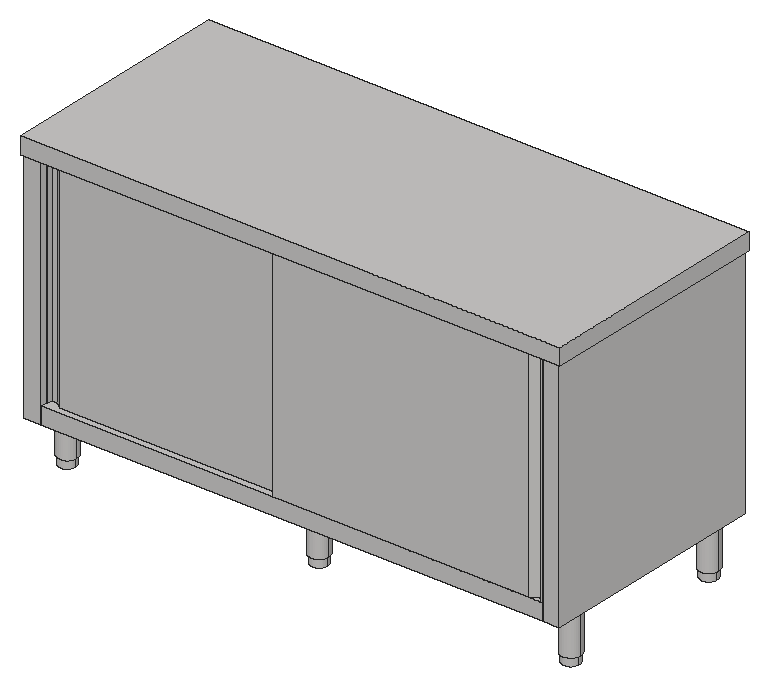
Revit family "QF_ELECTROLUXPROFESSIONAL_132773_MTN1600PN", category Attrezzature speciali, Revit 2020
Family settings
  Quota connettore circolare = Usa diametro
  Tipo di parte = Normale
  Basato su piano di lavoro = No
  Sempre verticale = Sì
  Taglio con vuoti quando caricato = No
  Condiviso = No
  Punto di calcolo locali = No
Parameters (values of type "Standard")
  Weight = 65.00 kg
  Watts = 0 W
  Volts = 0 V
  URL Manufacturer = "https://www.electroluxprofessional.com/"
  URL = "https://www.electroluxprofessional.com/"
  Steam Supply Size = 0 mm
  Steam Supply Minimum Pressure = 0.0 Pa
  Steam Supply Maximum Pressure = 0.0 Pa
  Steam Consumption per Hour = 0
  Refrigeration Suction Line Size = 0.0 mm
  Refrigeration Liquid Line Size = 0.0 mm
  Refrigerant Compressor Remote = yes
  Prospetto di default = 0.0 mm
  Produttore = "Electrolux Professional"
  Phase = 0
  Modello = "MTN1600PN"
  Length Actual = 1600.0 mm  # constant formula
  Item Number = "132773"
  Hot Water Size = 0 mm
  Height Actual = 900.0 mm  # constant formula
  HP = "0 HP"
  Gas Size = 0 mm
  Gas KW = 0
  Gas Input Pressure = 0 W
  Direct Waste Size = 0 mm
  Descrizione = "WORKTOP CUPB.+SHELF+SLIDING DOORS 1600MM"
  Depth Actual = 700.0 mm  # constant formula
  Cycle = 0 Hz
  Condensate Return Size = 0 mm
  Compressed Air Volume = 0.0 L/s
  Compressed Air Size = 0 mm
  Compressed Air Pressure = 0.0 Pa
  Cold Water Size = 0 mm
  Accessory = yes
Reference planes
  plane 1 "Center (Front/Back)": y = 0
  plane 2: z = 0
  plane 3 "Center (Left/Right)": x = -300
  plane 4 "LEFT": x = -1100
  plane 5 "RIGHT": x = 500
  plane 6 "BACK": y = 350
  plane 7 "FRONT": y = -350
  plane 8 "Base": z = 850
  plane 9 "TOP": z = 900
  plane 10: x = -1046.9
  plane 11: x = 446.9
  plane 12: y = 270
  plane 13: y = -241.9
  plane 14 "BodyLeft": x = -1094.5
  plane 15 "BodyFront": y = -344.5
  plane 16 "BodyRight": x = 494.5
  plane 17 "BodyBack": y = 344.5
  plane 18 "FEET": z = 150
  plane 19: x = -244.5
  plane 20: x = -355.5
Forms (mm)
  Extrusion 1, solid, material "QF_Finishes_Stainless Steel"
    sketch origin (-300, 0, 0) x (0, 1, 0) y (0, 0, 1)
      loop
        line (-350, 850) -> (350, 850) -> (350, 900) -> (-350, 900) -> (-350, 850)
    from 800 to -800
  Extrusion 2, solid, material "QF_Finishes_Stainless Steel"
    sketch origin (0, 0, 150) x (-1, 0, 0) y (0, -1, 0)
      loop
        line (1094.5, -344.5) -> (1094.5, 344.5) -> (1044.5, 344.5) -> (1044.5, -344.5) -> (1094.5, -344.5)
      loop
        line (-444.5, -344.5) -> (-444.5, 344.5) -> (-494.5, 344.5) -> (-494.5, -344.5) -> (-444.5, -344.5)
    from 0 to 700
  Extrusion 3, solid, material "QF_Finishes_Stainless Steel"
    sketch origin (0, 0, 150) x (-1, 0, 0) y (0, -1, 0)
      loop
        line (1043.585, -344.5) -> (1043.585, 344.5) -> (-444.5, 344.5) -> (-444.5, -344.5) -> (1043.585, -344.5)
    from 0 to 50
  Extrusion 4, solid, material "QF_Finishes_Stainless Steel"
    sketch origin (0, 0, 150) x (-1, 0, 0) y (0, -1, 0)
      loop
        line (1043.585, -344.5) -> (1043.585, -294.5) -> (-444.5, -294.5) -> (-444.5, -344.5) -> (1043.585, -344.5)
    from 50 to 700
  Extrusion 5, solid, material "QF_Finishes_Stainless Steel"
    sketch origin (0, 0, 150) x (-1, 0, 0) y (0, -1, 0)
      loop
        line (-444.5, 344.5) -> (-444.5, 324.5) -> (355.5, 324.5) -> (355.5, 344.5) -> (-404.5, 344.5) -> (-424.5, 329.5) -> (-439.5, 329.5) -> (-439.5, 344.5) -> (-444.5, 344.5)
    from 50 to 700
  Extrusion 6, solid, material "QF_Finishes_Stainless Steel"
    sketch origin (0, 20, 150) x (1, 0, 0) y (0, 1, 0)
      loop
        line (-1044.5, -344.5) -> (-1039.5, -344.5) -> (-1039.5, -329.5) -> (-1024.5, -329.5) -> (-1004.5, -344.5) -> (-244.5, -344.5) -> (-244.5, -324.5) -> (-1044.5, -324.5) -> (-1044.5, -344.5)
    from 50 to 700
Lines and regions (mm)
  symbolic lines
    curve 1: line (500, 350, 900) -> (-1100, 350, 900)
    curve 2: line (-1100, 350, 900) -> (-1100, -350, 900)
    curve 3: line (-1100, -350, 900) -> (500, -350, 900)
    curve 4: line (500, -350, 900) -> (500, 350, 900)
  symbolic lines, style "SpecialityEquipmentHiddenLines"
    curve 5: line (-1094.5, 344.5, 150) -> (494.5, 344.5, 150)
    curve 6: line (-1094.5, -344.5, 150) -> (-1094.5, 344.5, 150)
    curve 7: line (494.5, -344.5, 150) -> (-1094.5, -344.5, 150)
    curve 8: line (494.5, 344.5, 150) -> (494.5, -344.5, 150)
    curve 9: line (-1044.5, -304.5, 150) -> (-244.5, -304.5, 150)
    curve 10: line (-244.5, -304.5, 150) -> (-244.5, -324.5, 150)
    curve 11: line (-1044.5, -324.5, 150) -> (444.5, -324.5, 150)
    curve 12: line (444.5, -324.5, 150) -> (444.5, -344.5, 150)
    curve 13: line (-355.5, -324.5, 150) -> (-355.5, -344.5, 150)
    curve 14: line (-1044.5, -304.5, 150) -> (-1044.5, -324.5, 150)
Dimensions and locks
  plane 4 "LEFT" to plane 5 "RIGHT" = 1600.0 mm
  equal spacing: plane 4 "LEFT", plane 3 "Center (Left/Right)", plane 5 "RIGHT"
  locked: plane 8 "Base" to level at 850
  plane 9 "TOP" to level = 900.0 mm
  plane 6 "BACK" to plane 7 "FRONT" = 700.0 mm
  equal spacing: plane 6 "BACK", plane 1 "Center (Front/Back)", plane 7 "FRONT"
  locked: plane 4 "LEFT" to plane 14 "BodyLeft" at 5.5
  locked: plane 16 "BodyRight" to plane 5 "RIGHT" at 5.5
  locked: plane 15 "BodyFront" to plane 7 "FRONT" at 5.5
  locked: plane 6 "BACK" to plane 17 "BodyBack" at 5.5
  locked: plane 14 "BodyLeft" to plane 10 at 47.6
  locked: plane 11 to plane 16 "BodyRight" at 47.6
  locked: plane 13 to plane 15 "BodyFront" at 102.6
  locked: plane 17 "BodyBack" to plane 12 at 74.5
  plane 10 to plane 11 = 1493.8 mm
  plane 12 to plane 13 = 511.9 mm
  locked: plane 14 "BodyLeft" to Extrusion 2 sketch curve at 50
  locked: Extrusion 2 sketch curve to Extrusion 2 sketch curve at 50
  Extrusion 3 to Extrusion 4 sketch curve = 50.0 mm
  Extrusion 2 to plane 19 = 800.0 mm
  plane 20 to Extrusion 2 = 800.0 mm
  locked: plane 18 "FEET" to level at 150
  aligned and locked: level to plane 2
  aligned and locked: plane 10 to nested 1
  aligned and locked: nested 1 to plane 13
  aligned and locked: plane 11 to nested 2
  aligned and locked: nested 2 to plane 13
  aligned and locked: plane 11 to nested 4
  aligned and locked: nested 4 to plane 12
  aligned and locked: plane 10 to nested 3
  aligned and locked: nested 3 to plane 12
  aligned and locked: Extrusion 1 to plane 4 "LEFT"
  aligned and locked: plane 5 "RIGHT" to Extrusion 1
  aligned and locked: curve 2 to plane 4 "LEFT"
  aligned and locked: plane 17 "BodyBack" to Extrusion 2 sketch curve
  aligned and locked: Extrusion 2 sketch curve to plane 15 "BodyFront"
  aligned and locked: Extrusion 2 sketch curve to plane 14 "BodyLeft"
  aligned and locked: plane 16 "BodyRight" to Extrusion 2 sketch curve
  aligned and locked: Extrusion 2 sketch curve to plane 17 "BodyBack"
  aligned and locked: plane 15 "BodyFront" to Extrusion 2 sketch curve
  aligned and locked: Extrusion 3 sketch curve to plane 17 "BodyBack"
  aligned and locked: plane 15 "BodyFront" to Extrusion 3 sketch curve
  aligned and locked: plane 8 "Base" to Extrusion 2
  aligned and locked: Extrusion 4 sketch curve to Extrusion 3
  aligned and locked: plane 8 "Base" to Extrusion 5
  aligned and locked: Extrusion 5 to Extrusion 3
  aligned and locked: Extrusion 6 sketch curve to plane 19
  aligned and locked: Extrusion 5 sketch curve to plane 20
  aligned and locked: Extrusion 1 to plane 8 "Base"
  aligned and locked: plane 9 "TOP" to Extrusion 1
  aligned and locked: curve 5 to plane 17 "BodyBack"
  aligned and locked: plane 14 "BodyLeft" to curve 6
  aligned and locked: plane 15 "BodyFront" to curve 7
  aligned and locked: plane 16 "BodyRight" to curve 8
  aligned and locked: plane 3 "Center (Left/Right)" to nested 5
  aligned and locked: plane 3 "Center (Left/Right)" to nested 6
Automatic sketch dimensions
  curve 3 to plane 7 "FRONT" = 0.0 mm
  curve 4 to plane 6 "BACK" = 0.0 mm
  Extrusion 1 sketch curve to plane 7 "FRONT" = 0.0 mm
  plane 9 "TOP" to Extrusion 1 sketch curve = 0.0 mm
  Extrusion 1 sketch curve to plane 6 "BACK" = 0.0 mm
  Extrusion 1 sketch curve to plane 8 "Base" = 0.0 mm
  Extrusion 5 sketch curve to plane 15 "BodyFront" = 0.0 mm  (x2)
  Extrusion 5 sketch curve to plane 11 = 2.4 mm
  Extrusion 5 sketch curve to Extrusion 5 sketch curve = 5.0 mm
  Extrusion 5 sketch curve to Extrusion 5 sketch curve = 15.0 mm
  Extrusion 5 sketch curve to Extrusion 5 sketch curve = 20.0 mm
  plane 15 "BodyFront" to Extrusion 5 sketch curve = 15.0 mm
  plane 15 "BodyFront" to Extrusion 5 sketch curve = 20.0 mm
  Extrusion 6 sketch curve to plane 15 "BodyFront" = 20.0 mm  (x2)
  Extrusion 6 sketch curve to plane 10 = 2.4 mm
  Extrusion 6 sketch curve to Extrusion 6 sketch curve = 5.0 mm
  Extrusion 6 sketch curve to Extrusion 6 sketch curve = 15.0 mm
  Extrusion 6 sketch curve to Extrusion 6 sketch curve = 20.0 mm  (x2)
  Extrusion 6 sketch curve to plane 15 "BodyFront" = 35.0 mm
  Extrusion 3 sketch curve to plane 11 = 2.4 mm
  plane 10 to Extrusion 3 sketch curve = 3.315 mm
  Extrusion 4 sketch curve to plane 11 = 2.4 mm
  plane 10 to Extrusion 4 sketch curve = 3.315 mm
  curve 10 to plane 19 = 0.0 mm
  curve 13 to plane 20 = 0.0 mm
  curve 11 to plane 11 = 2.4 mm
  plane 15 "BodyFront" to curve 9 = 40.0 mm
  curve 12 to curve 12 = 20.0 mm
  plane 10 to curve 14 = 2.4 mm
  curve 4 to plane 5 "RIGHT" = 0.0 mm
Nested families
  nested 1: "FEET_D58-150" at (-1046.9, -241.9, 0), type "FEET_D58-150"
  nested 2: "FEET_D58-150" at (446.9, -241.9, 0), type "FEET_D58-150"
  nested 3: "FEET_D58-150" at (-1046.9, 270, 0), type "FEET_D58-150"
  nested 4: "FEET_D58-150" at (446.9, 270, 0), type "FEET_D58-150"
  nested 5: "FEET_D58-150" at (-300, -241.9, 0), type "FEET_D58-150"
  nested 6: "FEET_D58-150" at (-300, 270, 0), type "FEET_D58-150"
Definition of nested family "FEET_D58-150"
  Parameters
    Default Elevation = 0.0 mm
    FEET = 150.0 mm
  Reference planes
    plane 1 "Center (Front/Back)": y = 0
    plane 2: z = 0
    plane 3 "Center (Left/Right)": x = 0
    plane 4: z = 150
  Forms (mm)
    Extrusion 1, solid
      sketch origin (0, 0, 0) x (1, 0, 0) y (0, 1, 0)
        loop
          circle (0, 0) r 25
      from 0 to 25
    Extrusion 2, solid
      sketch origin (0, 0, 0) x (1, 0, 0) y (0, 1, 0)
        loop
          circle (0.061, 0) r 29
      from 25 to 150 <- "FEET"
  Lines and regions (mm)
    symbolic lines
      curve 1: line (0, -1.503, 0) -> (0, 1.508, 0)
      curve 2: line (1.561, 0, 0) -> (-1.439, 0, 0)
  Dimensions and locks
    "FEET": plane 4 to plane 2
    aligned and locked: level to plane 2
  Automatic sketch dimensions
    plane 1 "Center (Front/Back)" to Extrusion 1 sketch curve = 0.0 mm
    Extrusion 1 sketch curve to plane 3 "Center (Left/Right)" = 0.0 mm
    plane 1 "Center (Front/Back)" to curve 2 = 0.0 mm
    curve 1 to plane 3 "Center (Left/Right)" = 0.0 mm
    curve 2 to plane 3 "Center (Left/Right)" = 1.439 mm
    plane 3 "Center (Left/Right)" to curve 2 = 1.561 mm
    plane 1 "Center (Front/Back)" to curve 1 = 1.503 mm
    curve 1 to plane 1 "Center (Front/Back)" = 1.508 mm
    plane 1 "Center (Front/Back)" to Extrusion 2 sketch curve = 0.0 mm
    plane 3 "Center (Left/Right)" to Extrusion 2 sketch curve = 0.061 mm
    radius of Extrusion 1 sketch curve = 25.0 mm
    radius of Extrusion 2 sketch curve = 29.0 mm
